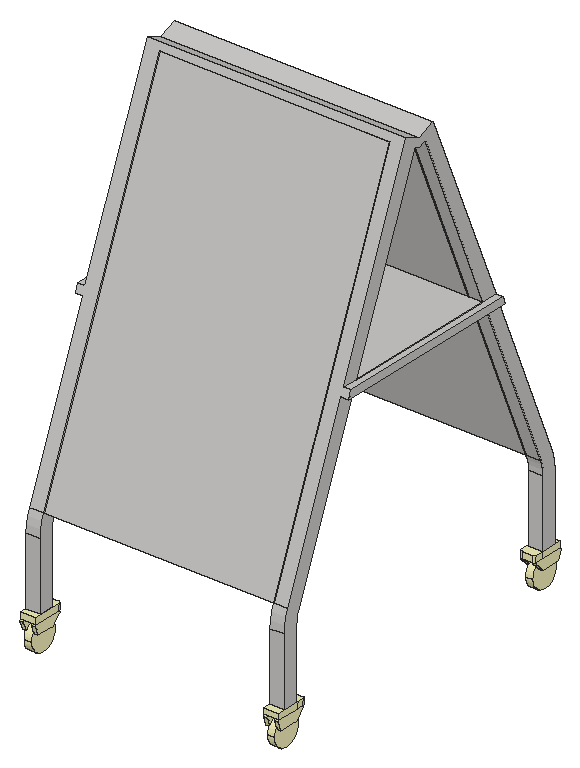
Revit family
Parameters
  Width = 36"
  Subcategory = "Recreation Equipment"
  SmartBIM Object Version = 3  # constant formula
  SmartBIM Object Created By = "Reed Construction Data"  # constant formula
  Rod Thickness = 2"
  Manufacturer = ""
  Height = 70"
  Depth = 45"
  Default Elevation = 0"  # constant formula
  Board = White Powder-Coated Steel Frame
  Assembly Code = "E2020200"
  95 CSI = ""
  04 CSI = ""
Reference planes (in)
  plane 1 "Center (Front/Back)": y = 1.76226
  plane 2: z = 0
  plane 3 "Center (Left/Right)": x = -4.5
  plane 4 "Back": y = 24.26226
  plane 5 "Front": y = -20.73774
  plane 6 "Left": x = -22.5
  plane 7 "Right": x = 13.5
  plane 8 "Top": z = 70
  plane 9: z = 16
  plane 10: z = 5.25
  plane 11: z = 40
Forms (in)
  Sweep 1, solid, material "White Powder-Coated Steel Frame" <- "Board"
    path origin (13.5, -56.47549, 48) x (0, -1, 0) y (0, 0, -1)
      loop
        line (-60.05616, -17.99948) -> (-80.19994, 30.81684)
        arc (-80.19994, 30.81684) -> (-80.60175, 32.02946) -> (-80.73774, 33.29966) r 6
        line (-80.73774, 33.29966) -> (-80.73774, 42.75)
    profile origin (13.5, 13.65257, 41.59132) x (0, 0.924392, 0.381445) y (1, 0, 0)
      loop
        line (-1, 0) -> (-1, -2) -> (1, -2) -> (1, 0) -> (-1, 0)
  Sweep 2, solid, material "White Powder-Coated Steel Frame" <- "Board"
    path origin (13.5, 60, 48) x (0, 1, 0) y (0, 0, 1)
      loop
        line (-60.05616, 17.99948) -> (-80.19994, -30.81684)
        arc (-80.19994, -30.81684) -> (-80.60175, -32.02946) -> (-80.73774, -33.29966) r 6
        line (-80.73774, -33.29966) -> (-80.73774, -42.75)
    profile origin (13.5, -10.12805, 41.59132) x (0, 0.924392, -0.381445) y (1, 0, 0)
      loop
        line (1, 0) -> (-1, 0) -> (-1, -2) -> (1, -2) -> (1, 0)
  Sweep 3, solid, material "White Powder-Coated Steel Frame" <- "Board"
    path origin (-22.5, 60, 48) x (0, 1, 0) y (0, 0, 1)
      loop
        line (-60.05616, 17.99948) -> (-80.19994, -30.81684)
        arc (-80.19994, -30.81684) -> (-80.60175, -32.02946) -> (-80.73774, -33.29966) r 6
        line (-80.73774, -33.29966) -> (-80.73774, -42.75)
    profile origin (-22.5, -10.12805, 41.59132) x (0, 0.924392, -0.381445) y (1, 0, 0)
      loop
        line (-1, 0) -> (1, 0) -> (1, 2) -> (-1, 2) -> (-1, 0)
  Sweep 4, solid, material "White Powder-Coated Steel Frame" <- "Board"
    path origin (-22.5, 60, 48) x (0, 1, 0) y (0, 0, 1)
      loop
        line (-56.41932, 17.99948) -> (-36.27554, -30.81684)
        arc (-36.27554, -30.81684) -> (-35.87373, -32.02946) -> (-35.73774, -33.29966) r 6
        line (-35.73774, -33.29966) -> (-35.73774, -42.75)
    profile origin (-22.5, 13.65257, 41.59132) x (0, 0.924392, 0.381445) y (1, 0, 0)
      loop
        line (1, 0) -> (1, 2) -> (-1, 2) -> (-1, 0) -> (1, 0)
  Extrusion 5, solid, material "White Powder-Coated Steel Frame" <- "Board"
    sketch origin (-4.5, 0, 0) x (0, 1, 0) y (0, 0, 1)
      loop
        line (-0.98055, 66.38092) -> (-21.11787, 17.58028) -> (-19.26908, 16.81739) -> (0.86823, 65.61803) -> (-0.98055, 66.38092)
      loop
        line (2.65628, 65.61803) -> (22.8071, 16.78467) -> (24.65588, 17.54756) -> (4.50507, 66.38092) -> (2.65628, 65.61803)
    from -16 to 16
  Extrusion 6, solid, material "White Powder-Coated Steel Frame" <- "Board"
    sketch origin (-4.5, 0, 0) x (0, 1, 0) y (0, 0, 1)
      loop
        line (-9.70291, 40) -> (13.22742, 40) -> (12.81478, 41) -> (-9.29026, 41) -> (-9.70291, 40)
    from -18 to 18
  Extrusion 7, solid, material "White Powder-Coated Steel Frame" <- "Board"
    sketch origin (0, 1.76226, 0) x (1, 0, 0) y (0, 0, 1)
      loop
        line (14.5, 40) -> (14.5, 41) -> (13.5, 41) -> (13.5, 40) -> (14.5, 40)
    from -22.5 to 22.5
  Extrusion 8, void
    sketch origin (-4.5, 0, 0) x (0, 1, 0) y (0, 0, 1)
      loop
        line (0.51284, 70) -> (-20.73774, 70) -> (-20.73774, 18.50147) -> (0.51284, 70)
      loop
        line (3.01168, 70) -> (24.26226, 18.50147) -> (24.26226, 70) -> (3.01168, 70)
    from -19 to 19
  Extrusion 9, solid, material "White Powder-Coated Steel Frame" <- "Board"
    sketch origin (-9, 1.76226, 0) x (-1, 0, 0) y (0, 0, -1)
      loop
        line (14.5, -40) -> (13.5, -40) -> (13.5, -41) -> (14.5, -41) -> (14.5, -40)
    from -22.5 to 22.5
  Extrusion 10, solid, material "White Powder-Coated Steel Frame" <- "Board"
    sketch origin (-4.5, 0, 0) x (0, 1, 0) y (0, 0, 1)
      loop
        line (-0.98055, 66.38092) -> (1.76226, 65.24912) -> (4.50507, 66.38092) -> (4.12362, 67.30531) -> (1.76226, 66.33091) -> (-0.59911, 67.30531) -> (-0.98055, 66.38092)
    from -18 to 18
Cuts and joins
  Extrusion 8 cuts Extrusion 5
  Extrusion 8 cuts Extrusion 6
  Extrusion 8 cuts Extrusion 7
  Extrusion 8 cuts Extrusion 9
  joined: Sweep 1, Sweep 2, Sweep 3, Extrusion 7, Extrusion 9, Extrusion 10
Dimensions and locks (in)
  equal spacing: plane 6 "Left", plane 3 "Center (Left/Right)", plane 7 "Right"
  "Width": plane 6 "Left" to plane 7 "Right"
  equal spacing: plane 5 "Front", plane 1 "Center (Front/Back)", plane 4 "Back"
  "Depth": plane 4 "Back" to plane 5 "Front"
  "Height": plane 8 "Top" to level
  locked: plane 9 to level at 16
  locked: plane 10 to level at 5.25
  "Rod Thickness": Sweep 1 sketch curve to Sweep 1 sketch curve  (x2)
  "Rod Thickness": Sweep 2 sketch curve to Sweep 2 sketch curve  (x2)
  "Rod Thickness": Sweep 3 sketch curve to Sweep 3 sketch curve
  "Rod Thickness": Sweep 4 sketch curve to Sweep 4 sketch curve
  locked: Extrusion 6 sketch curve to plane 11 at 1
  locked: Extrusion 7 sketch curve to Extrusion 7 sketch curve at 1  (x2)
  locked: Extrusion 9 sketch curve to Extrusion 9 sketch curve at 1  (x2)
  locked: Extrusion 10 sketch curve to Extrusion 10 sketch curve at 1  (x2)
  aligned and locked: Sweep 1 sketch curve to plane 4 "Back"
  aligned and locked: nested 1 to plane 5 "Front"
  aligned and locked: plane 5 "Front" to nested 4
  aligned and locked: plane 4 "Back" to nested 3
  aligned and locked: nested 2 to plane 4 "Back"
  aligned and locked: nested 1 to nested 2
  aligned and locked: Sweep 2 to nested 4
  aligned and locked: nested 3 to Sweep 2
  aligned and locked: nested 1 to plane 6 "Left"
  aligned and locked: Extrusion 5 sketch curve to Sweep 2  (x3)
  aligned and locked: Sweep 2 to Extrusion 5 sketch curve
  aligned and locked: Extrusion 5 to Sweep 3
  aligned and locked: Sweep 2 to Extrusion 5
  aligned and locked: Extrusion 5 sketch curve to Sweep 1  (x4)
  aligned and locked: Extrusion 6 sketch curve to plane 11
  aligned and locked: Sweep 2 to Extrusion 6 sketch curve
  aligned and locked: Sweep 1 to Extrusion 6 sketch curve
  aligned and locked: plane 11 to Extrusion 7 sketch curve
  aligned and locked: plane 4 "Back" to Extrusion 7
  aligned and locked: Extrusion 7 to plane 5 "Front"
  aligned and locked: Extrusion 8 sketch curve to Sweep 2
  aligned and locked: Extrusion 8 sketch curve to plane 5 "Front"
  aligned and locked: Extrusion 8 sketch curve to plane 8 "Top"
  aligned and locked: Extrusion 8 sketch curve to Sweep 1
  aligned and locked: plane 8 "Top" to Extrusion 8 sketch curve
  aligned and locked: Extrusion 8 to Extrusion 7
  aligned and locked: plane 7 "Right" to cut or joined group of Extrusion 6, Extrusion 8
  aligned and locked: cut or joined group of Extrusion 6, Extrusion 8 to plane 6 "Left"
  aligned and locked: Extrusion 9 to plane 11
  aligned and locked: Extrusion 8 to cut or joined group of Sweep 1, Sweep 2, Sweep 3, Extrusion 7, Extrusion 8, Extrusion 9, Extrusion 10
  aligned and locked: Extrusion 10 sketch curve to Sweep 2  (x2)
  aligned and locked: Extrusion 10 sketch curve to Sweep 1
  aligned and locked: Sweep 1 to Extrusion 10 sketch curve
  aligned and locked: Extrusion 10 to plane 6 "Left"
  aligned and locked: plane 7 "Right" to Extrusion 10
Automatic sketch dimensions
  Sweep 1 sketch curve to plane 10 = 0"
  Sweep 1 sketch curve to plane 4 "Back" = 0.5378"
  Sweep 1 sketch curve to plane 9 = 1.29966"
  Sweep 1 sketch curve to plane 4 "Back" = 6"
  Sweep 1 sketch curve to plane 1 "Center (Front/Back)" = 1.81842"
  Sweep 1 sketch curve to plane 8 "Top" = 4.00052"
  Sweep 1 sketch curve to plane 7 "Right" = 0"
  profile plane to Sweep 1 sketch curve = 1"
  Sweep 2 sketch curve to plane 5 "Front" = 0"
  Sweep 2 sketch curve to plane 10 = 0"
  plane 5 "Front" to Sweep 2 sketch curve = 0.5378"
  Sweep 2 sketch curve to plane 9 = 1.29966"
  Sweep 2 sketch curve to Sweep 2 sketch curve = 5.4622"
  plane 1 "Center (Front/Back)" to Sweep 2 sketch curve = 1.81842"
  Sweep 2 sketch curve to plane 8 "Top" = 4.00052"
  Sweep 2 sketch curve to plane 7 "Right" = 0"
  profile plane to Sweep 2 sketch curve = 1"
  Sweep 3 sketch curve to plane 5 "Front" = 0"
  Sweep 3 sketch curve to plane 10 = 0"
  plane 5 "Front" to Sweep 3 sketch curve = 0.5378"
  Sweep 3 sketch curve to plane 9 = 1.29966"
  plane 5 "Front" to Sweep 3 sketch curve = 6"
  plane 1 "Center (Front/Back)" to Sweep 3 sketch curve = 1.81842"
  Sweep 3 sketch curve to plane 8 "Top" = 4.00052"
  Sweep 3 sketch curve to plane 6 "Left" = 0"
  profile plane to Sweep 3 sketch curve = 1"
  Sweep 3 sketch curve to Sweep 3 sketch curve = 2"
  Sweep 4 sketch curve to plane 4 "Back" = 0"
  Sweep 4 sketch curve to plane 10 = 0"
  Sweep 4 sketch curve to plane 4 "Back" = 0.5378"
  Sweep 4 sketch curve to plane 9 = 1.29966"
  Sweep 4 sketch curve to plane 4 "Back" = 6"
  Sweep 4 sketch curve to plane 1 "Center (Front/Back)" = 1.81842"
  Sweep 4 sketch curve to plane 8 "Top" = 4.00052"
  Sweep 4 sketch curve to plane 6 "Left" = 0"
  profile plane to Sweep 4 sketch curve = 1"
  Sweep 4 sketch curve to Sweep 4 sketch curve = 2"
  Extrusion 7 sketch curve to plane 7 "Right" = 0"
  Extrusion 8 sketch curve to plane 4 "Back" = 0"
  Extrusion 9 sketch curve to plane 6 "Left" = 0"
  Extrusion 9 sketch curve to plane 11 = 0"
Nested families (in)
  nested 1: "Small Wheel" at (-21.43811, -20.73774, 0) x (0, -1, 0) z (0, 0, 1), type "Wheel"
  nested 2: "Small Wheel" at (-21.43811, 24.26226, 0) x (0, 1, 0) z (0, 0, 1), type "Wheel"
  nested 3: "Small Wheel" at (12.43811, 24.26226, 0) x (0, 1, 0) z (0, 0, 1), type "Wheel"
  nested 4: "Small Wheel" at (12.43811, -20.73774, 0) x (0, -1, 0) z (0, 0, 1), type "Wheel"
Definition of nested family "Small Wheel"
  Parameters (values of type "Wheel")
    Rubber Wheel = Rubber
    Grips Of The Wheel's = Stainless Steel
    Default Elevation = 48"
    Assembly Code = ""
  Reference planes (in)
    plane 1 "Center F/B": y = 0
    plane 2: z = 0
    plane 3 "Center L/R": x = 0
  Forms (in)
    Extrusion 1, solid, material "Stainless Steel" <- "Grips Of The Wheel's"
      sketch origin (27.89668, 0.44611, -2.21649) x (1, 0, 0) y (0, 0, 1)
        loop
          circle (-27.89668, 4.21649) r 2
      from -0.06918 to 0.9614
    Extrusion 2, solid, material "Stainless Steel" <- "Grips Of The Wheel's"
      sketch origin (27.89668, 0.44611, -2.69384) x (1, 0, 0) y (0, 1, 0)
        loop
          line (-25.88251, 0.61578) -> (-29.87274, 0.61578)
          arc (-29.87274, 0.61578) -> (-30.2263, 0.46934) -> (-30.37274, 0.11578) r 0.5
          line (-30.37274, 0.11578) -> (-30.37274, -1.258)
          arc (-30.37274, -1.258) -> (-30.29952, -1.43478) -> (-30.12274, -1.508) r 0.25
          line (-30.12274, -1.508) -> (-29.17108, -1.508) -> (-25.88251, -1.508) -> (-25.88251, 0.61578)
      from 7.10785 to 7.94384
    Extrusion 3, solid, material "Stainless Steel" <- "Grips Of The Wheel's"
      sketch origin (27.89668, -0.44611, 0.14465) x (1, 0, 0) y (0, 0, -1)
        loop
          line (-29.13833, -2.95882) -> (-29.954, -3.85063)
          arc (-29.954, -3.85063) -> (-29.99831, -4.12015) -> (-29.76953, -4.26936) r 0.25
          line (-29.76953, -4.26936) -> (-26.10928, -4.26936)
          arc (-26.10928, -4.26936) -> (-25.91624, -4.17822) -> (-25.86395, -3.97125) r 0.25
          line (-25.86395, -3.97125) -> (-26.30831, -2.76936) -> (-28.70829, -2.76936)
          arc (-28.70829, -2.76936) -> (-28.94325, -2.81882) -> (-29.13833, -2.95882) r 0.58279
      from -0.61578 to -0.06918
    Extrusion 4, solid, material "Stainless Steel" <- "Grips Of The Wheel's"
      sketch origin (27.89668, 0.44611, 0.14465) x (1, 0, 0) y (0, 0, 1)
        loop
          arc (-29.13833, 2.95882) -> (-28.94325, 2.81882) -> (-28.70829, 2.76936) r 0.58279
          line (-28.70829, 2.76936) -> (-26.30831, 2.76936) -> (-25.86395, 3.97125)
          arc (-25.86395, 3.97125) -> (-25.91624, 4.17822) -> (-26.10928, 4.26936) r 0.25
          line (-26.10928, 4.26936) -> (-29.76953, 4.26936)
          arc (-29.76953, 4.26936) -> (-29.99831, 4.12015) -> (-29.954, 3.85063) r 0.25
          line (-29.954, 3.85063) -> (-29.13833, 2.95882)
      from -0.61578 to -0.06918
  Cuts and joins
    joined: Extrusion 1, Extrusion 2
  Dimensions and locks (in)
    cut or joined group of Extrusion 1, Extrusion 2 to level = 5 1/4"
    aligned and locked: Extrusion 3 to cut or joined group of Extrusion 1, Extrusion 2
    aligned and locked: cut or joined group of Extrusion 1, Extrusion 2 to Extrusion 3
    aligned and locked: Extrusion 4 to Extrusion 2
    aligned and locked: Extrusion 1 to Extrusion 3
    aligned and locked: Extrusion 1 to Extrusion 4
